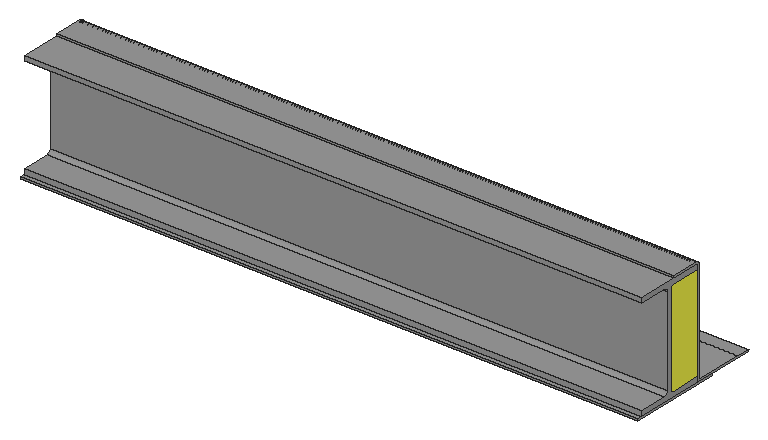
Revit family "XK 50 WOL", category Generic Models, Revit 2014
Parameters (values of type "Max lintel length 6600mm")
  URL = "http://www.keystonelintels.co.uk"
  Structural Opening [instance] = 900 mm
  Structural Performance = "The Keystone lintel range has safe working loads as detailed in each applicable loading table in the Keystone Lintel Guide brochure. The structural performance figures within each table have been ascertained by testing in accordance with the requirements of standards BS EN 5977-2: 1983 and BS EN 845-2: 2003."
  RIBA Productor Selector = "available for Keystone Lintels Ltd from Keystone Lintels Ltd from ribaproductselector.com"
  Model = "X/K 50 WOL"
  Min Length = 600 mm
  Min Clear Span = 300 mm
  Max Length = 6600 mm
  Max Clear Span = 6600 mm
  Material - Stainless Steel = "Grade 304 2b 1.4307 to BS EN 10088-2. Other grades available on request: contact manufacturer."
  Material - Galvanised Steel = "To BS EN 10346: 2009. DX51D plus Z600 or grade Z275 to BS 5977-2: 1983 (BS EN 845-2: 2003)."
  Manufacturer = "Keystone"
  Manufactured Length [instance] = (roundup(Effective Length / 150 mm) * 150 mm)  # 1200 mm
  Lintel height [instance] = 2100 mm
  Keynote = "F30/755"
  Fire Performance = "Keystone lintels have been subjected to a fire test (WARRES No. 101263) in accordance with BS 476-20: 1987, at Exova Warrington Fire and achieved a one hour fire performance."
  End Bearing = 150 mm
  Effective Length [instance] = Clear Opening with MIN MAX set + End Bearing * 2  # 1200 mm
  Corrosion = "Keystone’s standard range of lintels are manufactured from high quality grade pre-galvanized carbon steel with a zinc coating of 600"
  Contact Tel = "+44 (0)28 8676 2184"
  Contact Email = "info@keystonelintels.co.uk"
  Clear Opening with MIN MAX set [instance] = if(Structural Opening < Min Clear Span, Min Clear Span, (if(Structural Opening > Max Clear Span, Max Clear Span, Structural Opening)))  # 900 mm
  CPD Information = "Available for Keystone Lintels Ltd from ribacpd.com"
Reference planes
  plane 1 "Center (Front/Back)": y = 0
  plane 2: z = 0
  plane 3 "Center (Left/Right)": x = 0
  plane 4: x = -600
  plane 5: x = 600
  plane 6: z = 2100
  plane 7: x = -450
  plane 8: x = 450
Forms (mm)
  Extrusion 1, solid, material "Steel"
    sketch origin (0, 705.736, -506.841) x (0, 1, 0) y (0, 0, 1)
      loop
        line (-607.576, 2606.841) -> (-582.591, 2605.979) -> (-582.536, 2609.179) -> (-607.521, 2610.041) -> (-700.536, 2610.041)
        arc (-700.536, 2610.041) -> (-701.95, 2610.627) -> (-702.536, 2612.041) r 2
        line (-702.536, 2612.041) -> (-702.536, 2811.641)
        arc (-702.536, 2811.641) -> (-704.059, 2815.318) -> (-707.736, 2816.841) r 5.2
        line (-707.736, 2816.841) -> (-762.736, 2816.841) -> (-762.736, 2813.641) -> (-707.736, 2813.641)
        arc (-707.736, 2813.641) -> (-706.322, 2813.055) -> (-705.736, 2811.641) r 2
        line (-705.736, 2811.641) -> (-705.736, 2611.841)
        arc (-705.736, 2611.841) -> (-704.272, 2608.306) -> (-700.736, 2606.841) r 5
        line (-700.736, 2606.841) -> (-607.576, 2606.841)
    from -600 to 600
  Extrusion 2, solid, material "Steel"
    sketch origin (0, 705.736, -506.841) x (0, 1, 0) y (0, 0, 1)
      loop
        line (-841.636, 2606.841) -> (-707.736, 2606.841) -> (-707.736, 2616.441) -> (-763.886, 2616.441)
        arc (-763.886, 2616.441) -> (-769.26, 2618.667) -> (-771.486, 2624.041) r 7.6
        line (-771.486, 2624.041) -> (-771.486, 2796.441)
        arc (-771.486, 2796.441) -> (-769.26, 2801.815) -> (-763.886, 2804.041) r 7.6
        line (-763.886, 2804.041) -> (-707.736, 2804.041) -> (-707.736, 2813.641) -> (-841.636, 2813.641) -> (-841.636, 2804.041) -> (-785.486, 2804.041)
        arc (-785.486, 2804.041) -> (-780.112, 2801.815) -> (-777.886, 2796.441) r 7.6
        line (-777.886, 2796.441) -> (-777.886, 2624.041)
        arc (-777.886, 2624.041) -> (-780.112, 2618.667) -> (-785.486, 2616.441) r 7.6
        line (-785.486, 2616.441) -> (-841.636, 2616.441) -> (-841.636, 2606.841)
    from -600 to 600
  Extrusion 3, solid, material "Steel"
    sketch origin (0, 705.536, -506.841) x (0, 1, 0) y (0, 0, 1)
      loop
        line (-851.436, 2603.641) -> (-671.347, 2603.641) -> (-671.347, 2606.841) -> (-851.436, 2606.841) -> (-851.436, 2603.641)
    from -600 to 600
  Extrusion 4, solid, material "Insulation"
    sketch origin (0, 705.736, -506.841) x (0, 1, 0) y (0, 0, 1)
      loop
        line (-705.736, 2611.841) -> (-705.736, 2811.641)
        arc (-705.736, 2811.641) -> (-706.322, 2813.055) -> (-707.736, 2813.641) r 2
        line (-707.736, 2813.641) -> (-707.736, 2804.041) -> (-763.886, 2804.041)
        arc (-763.886, 2804.041) -> (-769.26, 2801.815) -> (-771.486, 2796.441) r 7.6
        line (-771.486, 2796.441) -> (-771.486, 2624.041)
        arc (-771.486, 2624.041) -> (-769.26, 2618.667) -> (-763.886, 2616.441) r 7.6
        line (-763.886, 2616.441) -> (-707.736, 2616.441) -> (-707.736, 2606.841) -> (-700.736, 2606.841)
        arc (-700.736, 2606.841) -> (-704.272, 2608.306) -> (-705.736, 2611.841) r 5
    from -600 to 600
  Extrusion 5, solid, not visible
    sketch origin (0, 936.277, 1220.725) x (0, 1, 0) y (0, 0, 1)
      loop
        line (-607.576, 1006.841) -> (-582.591, 1005.979) -> (-582.536, 1009.179) -> (-607.521, 1010.041) -> (-700.536, 1010.041)
        arc (-700.536, 1010.041) -> (-701.95, 1010.627) -> (-702.536, 1012.041) r 2
        line (-702.536, 1012.041) -> (-702.536, 1211.641)
        arc (-702.536, 1211.641) -> (-704.059, 1215.318) -> (-707.736, 1216.841) r 5.2
        line (-707.736, 1216.841) -> (-762.736, 1216.841) -> (-762.736, 1213.641) -> (-707.736, 1213.641)
        arc (-707.736, 1213.641) -> (-706.322, 1213.055) -> (-705.736, 1211.641) r 2
        line (-705.736, 1211.641) -> (-705.736, 1011.841)
        arc (-705.736, 1011.841) -> (-704.272, 1008.306) -> (-700.736, 1006.841) r 5
        line (-700.736, 1006.841) -> (-607.576, 1006.841)
    from 0 to 250
  Extrusion 6, solid, not visible
    sketch origin (0, 618.29, 1267.76) x (0, 1, 0) y (0, 0, 1)
      loop
        line (-841.636, 1006.841) -> (-707.736, 1006.841) -> (-707.736, 1016.441) -> (-763.886, 1016.441)
        arc (-763.886, 1016.441) -> (-769.26, 1018.667) -> (-771.486, 1024.041) r 7.6
        line (-771.486, 1024.041) -> (-771.486, 1196.441)
        arc (-771.486, 1196.441) -> (-769.26, 1201.815) -> (-763.886, 1204.041) r 7.6
        line (-763.886, 1204.041) -> (-707.736, 1204.041) -> (-707.736, 1213.641) -> (-841.636, 1213.641) -> (-841.636, 1204.041) -> (-785.486, 1204.041)
        arc (-785.486, 1204.041) -> (-780.112, 1201.815) -> (-777.886, 1196.441) r 7.6
        line (-777.886, 1196.441) -> (-777.886, 1024.041)
        arc (-777.886, 1024.041) -> (-780.112, 1018.667) -> (-785.486, 1016.441) r 7.6
        line (-785.486, 1016.441) -> (-841.636, 1016.441) -> (-841.636, 1006.841)
    from 0 to 250
  Extrusion 7, solid, not visible
    sketch origin (0, 1021.761, 977.315) x (0, 1, 0) y (0, 0, 1)
      loop
        line (-851.436, 1003.641) -> (-671.347, 1003.641) -> (-671.347, 1006.841) -> (-851.436, 1006.841) -> (-851.436, 1003.641)
    from 0 to 250
  Extrusion 8, solid, not visible
    sketch origin (0, 496.248, 825.322) x (0, 1, 0) y (0, 0, 1)
      loop
        line (-705.736, 1011.841) -> (-705.736, 1211.641)
        arc (-705.736, 1211.641) -> (-706.322, 1213.055) -> (-707.736, 1213.641) r 2
        line (-707.736, 1213.641) -> (-707.736, 1204.041) -> (-763.886, 1204.041)
        arc (-763.886, 1204.041) -> (-769.26, 1201.815) -> (-771.486, 1196.441) r 7.6
        line (-771.486, 1196.441) -> (-771.486, 1024.041)
        arc (-771.486, 1024.041) -> (-769.26, 1018.667) -> (-763.886, 1016.441) r 7.6
        line (-763.886, 1016.441) -> (-707.736, 1016.441) -> (-707.736, 1006.841) -> (-700.736, 1006.841)
        arc (-700.736, 1006.841) -> (-704.272, 1008.306) -> (-705.736, 1011.841) r 5
    from 0 to 250
Dimensions and locks
  equal spacing: plane 4, plane 3 "Center (Left/Right)", plane 5
  "Manufactured Length": plane 4 to plane 5
  "Lintel height": plane 6 to level
  "Structural Opening": plane 7 to plane 8
  equal spacing: plane 7, plane 3 "Center (Left/Right)", plane 8
  aligned and locked: level to plane 2
  aligned and locked: Extrusion 1 to plane 6
  aligned and locked: Extrusion 4 to plane 6
  aligned and locked: Extrusion 2 to plane 6
  aligned and locked: plane 6 to Extrusion 3
  aligned and locked: plane 5 to Extrusion 3
  aligned and locked: Extrusion 3 to plane 4
  aligned and locked: plane 5 to Extrusion 1
  aligned and locked: Extrusion 1 to plane 4
  aligned and locked: plane 5 to Extrusion 2
  aligned and locked: Extrusion 2 to plane 4
  aligned and locked: plane 5 to Extrusion 4
  aligned and locked: Extrusion 4 to plane 4
Automatic sketch dimensions
  Extrusion 1 sketch curve to Extrusion 1 sketch curve = 24.985 mm
  Extrusion 1 sketch curve to Extrusion 1 sketch curve = 0.055 mm  (x2)
  Extrusion 1 sketch curve to Extrusion 1 sketch curve = 0.862 mm
  Extrusion 1 sketch curve to Extrusion 1 sketch curve = 3.2 mm  (x2)
  Extrusion 1 sketch curve to Extrusion 1 sketch curve = 93.16 mm
  Extrusion 1 sketch curve to Extrusion 1 sketch curve = 0.2 mm  (x2)
  Extrusion 1 sketch curve to Extrusion 1 sketch curve = 1.8 mm
  Extrusion 1 sketch curve to Extrusion 1 sketch curve = 199.6 mm
  Extrusion 1 sketch curve to Extrusion 1 sketch curve = 2 mm
  Extrusion 1 sketch curve to Extrusion 1 sketch curve = 55 mm
  Extrusion 2 sketch curve to Extrusion 2 sketch curve = 133.9 mm
  Extrusion 2 sketch curve to Extrusion 2 sketch curve = 9.6 mm  (x3)
  Extrusion 2 sketch curve to Extrusion 2 sketch curve = 56.15 mm  (x2)
  Extrusion 2 sketch curve to Extrusion 2 sketch curve = 7.6 mm  (x4)
  Extrusion 2 sketch curve to Extrusion 2 sketch curve = 14 mm
  Extrusion 2 sketch curve to Extrusion 2 sketch curve = 172.4 mm
  Extrusion 2 sketch curve to Extrusion 2 sketch curve = 0 mm
  Extrusion 2 sketch curve to Extrusion 2 sketch curve = 63.75 mm
  Extrusion 3 sketch curve to Extrusion 3 sketch curve = 180.089 mm
  Extrusion 3 sketch curve to Extrusion 3 sketch curve = 3.2 mm
  Extrusion 4 sketch curve to Extrusion 4 sketch curve = 0 mm  (x2)
  Extrusion 4 sketch curve to Extrusion 4 sketch curve = 2 mm  (x2)
  Extrusion 4 sketch curve to Extrusion 4 sketch curve = 4.6 mm
  Extrusion 4 sketch curve to Extrusion 4 sketch curve = 195.2 mm
  Extrusion 4 sketch curve to Extrusion 4 sketch curve = 56.15 mm
  Extrusion 4 sketch curve to Extrusion 4 sketch curve = 7.6 mm  (x2)
  Extrusion 4 sketch curve to Extrusion 4 sketch curve = 15.2 mm
  Extrusion 4 sketch curve to Extrusion 4 sketch curve = 5 mm
  Extrusion 5 sketch curve to Extrusion 5 sketch curve = 24.985 mm
  Extrusion 5 sketch curve to Extrusion 5 sketch curve = 0.055 mm  (x2)
  Extrusion 5 sketch curve to Extrusion 5 sketch curve = 0.862 mm
  Extrusion 5 sketch curve to Extrusion 5 sketch curve = 3.2 mm  (x2)
  Extrusion 5 sketch curve to Extrusion 5 sketch curve = 93.16 mm
  Extrusion 5 sketch curve to Extrusion 5 sketch curve = 0.2 mm  (x2)
  Extrusion 5 sketch curve to Extrusion 5 sketch curve = 1.8 mm
  Extrusion 5 sketch curve to Extrusion 5 sketch curve = 199.6 mm
  Extrusion 5 sketch curve to Extrusion 5 sketch curve = 2 mm
  Extrusion 5 sketch curve to Extrusion 5 sketch curve = 0 mm  (x4)
  Extrusion 5 sketch curve to Extrusion 5 sketch curve = 55 mm
  Extrusion 6 sketch curve to Extrusion 6 sketch curve = 133.9 mm
  Extrusion 6 sketch curve to Extrusion 6 sketch curve = 9.6 mm  (x3)
  Extrusion 6 sketch curve to Extrusion 6 sketch curve = 56.15 mm  (x2)
  Extrusion 6 sketch curve to Extrusion 6 sketch curve = 7.6 mm  (x4)
  Extrusion 6 sketch curve to Extrusion 6 sketch curve = 14 mm
  Extrusion 6 sketch curve to Extrusion 6 sketch curve = 172.4 mm
  Extrusion 6 sketch curve to Extrusion 6 sketch curve = 0 mm
  Extrusion 6 sketch curve to Extrusion 6 sketch curve = 63.75 mm
  Extrusion 7 sketch curve to Extrusion 7 sketch curve = 180.089 mm
  Extrusion 7 sketch curve to Extrusion 7 sketch curve = 3.2 mm
  Extrusion 8 sketch curve to Extrusion 8 sketch curve = 0 mm  (x2)
  Extrusion 8 sketch curve to Extrusion 8 sketch curve = 2 mm  (x2)
  Extrusion 8 sketch curve to Extrusion 8 sketch curve = 4.6 mm
  Extrusion 8 sketch curve to Extrusion 8 sketch curve = 195.2 mm
  Extrusion 8 sketch curve to Extrusion 8 sketch curve = 56.15 mm
  Extrusion 8 sketch curve to Extrusion 8 sketch curve = 7.6 mm  (x2)
  Extrusion 8 sketch curve to Extrusion 8 sketch curve = 15.2 mm
  Extrusion 8 sketch curve to Extrusion 8 sketch curve = 5 mm
  Extrusion 1 sketch curve to Extrusion 1 sketch curve = 0 mm  (x4)
  Extrusion 4 sketch curve to plane 6 = 0 mm
  Extrusion 4 sketch curve to plane 1 "Center (Front/Back)" = 0 mm
  Extrusion 2 sketch curve to plane 6 = 0 mm
  plane 1 "Center (Front/Back)" to Extrusion 2 sketch curve = 135.9 mm
  Extrusion 3 sketch curve to plane 6 = 0 mm
  plane 1 "Center (Front/Back)" to Extrusion 3 sketch curve = 145.9 mm
  Extrusion 1 sketch curve to plane 1 "Center (Front/Back)" = 0 mm
  Extrusion 1 sketch curve to plane 6 = 0 mm
